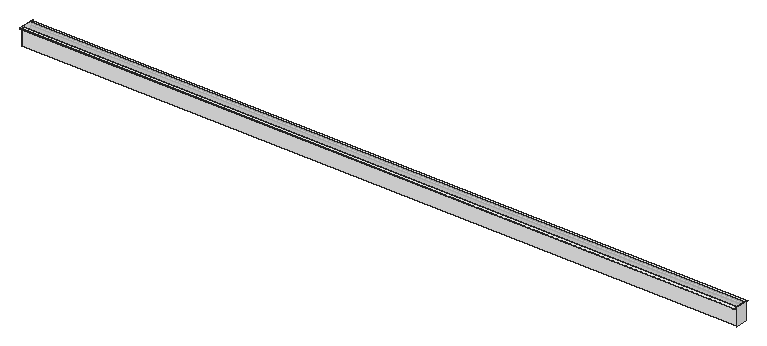
Revit family "2093137 Sylvania Lighting Fixture MC2 TRIM 3-6M 3K DALI WHT OPAL", category Lighting Fixtures, host Face, Revit 2016
Family settings
  Host = Face
  Part Type = Normal
  Round Connector Dimension = Use Diameter
  OmniClass Number = 23.80.70.11.17
  OmniClass Title = Specialized Lighting by Location or Use
  Cut with Voids When Loaded = No
  Light Source = Yes
  Shared = No
  Room Calculation Point = No
Parameters (values of type "2093137 MC2 TRIM 3.6M 3K DALI WHT OPAL")
  Width_SYL = 54.0 mm
  Weight = "8.4 kg"
  Wattage = 63 W
  WarrantyStartDate [instance] = "n/a"
  WarrantyGuarantorParts = "n/a"
  WarrantyDurationUnit = "n/a"
  WarrantyDurationParts = "n/a"
  WarrantyDescription = "n/a"
  built-in parameter 1150110 = 1 (stored number, unit not read)
  Voltage = 0 V
  URL = "http://www.sylvania-lighting.com"
  TypeName = "MC2 TRIM 3.6M 3K DALI WHT OPAL"
  built-in parameter 1114217 = 1 (stored number, unit not read)
  Tilt Angle = -90.00°
  built-in parameter 1150109 = 1 (stored number, unit not read)
  built-in parameter 1150134 = (empty or 0)
  built-in parameter 1150113 = 1 (stored number, unit not read)
  SerialNumber [instance] = "n/a"
  PowerFactor = 0.98
  PowerConsumption = "63 W"
  NominalWidth = 0.0 mm
  NominalLength = 3600.0 mm
  NominalHeight = 86.0 mm
  Name = "MC2 TRIM 3.6M 3K DALI WHT OPAL"
  ModelReference = "MC2 TRIM 3.6M 3K DALI WHT OPAL"
  ModelNumber = "2093137"
  Material_3_SYL = Metal_Sylvania_Mini Contiuum II_Silver
  Photometric Web File = "2093137.ies"
  Material = "aluminium housing, polycarbonate diffuser"
  ManufacturerName = "Feilo Sylvania"
  LuminousEfficacy = "105 lm/W"
  LuminaireType = ""
  LightOutputRatio = "100"
  Length_SYL = 3600.0 mm
  LampsType = Lamp  # "LED"
  LampNominalLuminous = "6621 lm"
  LampMacAdamStep = "3"
  LampColourTemperature = "3000 K"
  LampColourRenderingIndex = "80"
  Keynote = "16500"
  InstallationDate [instance] = "n/a"
  InputVoltage = "n/a"
  InputNominalFrequency = "n/a"
  IngressProtection = "IP20"
  ImpactProtectionIndex = "n/a"
  IfcExportType = "IfcLightFixtureType"
  IfcExportAs = "IfcLightFixtureType"
  Height_SYL = 86.0 mm
  ExpectedLife = 50000
  EndCapRight_SYL [instance] = yes
  EndCapLeft_SYL [instance] = yes
  Emit from Rectangle Width = Width_SYL - 2.0 mm  # 52.0 mm
  Emit from Rectangle Length = Length_SYL  # 3600.0 mm
  Emit Shape Visible in Rendering = no
  ElectricShockClassification = "Class I"
  DurationUnit = "hours"
  DocumentationLiterature = "http://www.sylvania-lighting.com/product/en-int/products/2093137"
  DimmingControlOptions = "n/a"
  CreatedOn = "10/15/2018"
  CreatedBy = "@sylvania-lighting.com"
  built-in parameter 1114216 [instance] = 1 (stored number, unit not read)
  Model = "MC2 TRIM 3.6M 3K DALI WHT OPAL"
  Manufacturer = "Feilo Sylvania"  # constant formula
  built-in parameter 1150105 = 526.4 (stored number, unit not read)
  Lumens = 6615 lm
  built-in parameter 1150115 = 1 (stored number, unit not read)
  built-in parameter 1150137 = (empty or 0)
  built-in parameter 1150139 = (empty or 0)
  built-in parameter 1150112 = 1 (stored number, unit not read)
  built-in parameter 1150114 = 1 (stored number, unit not read)
  Lamp = "LED"
  built-in parameter 1150132 = 2
  built-in parameter 1150102 = (empty or 0)
  built-in parameter 1150107 = 3000 (stored number, unit not read)
  built-in parameter 1150138 = (empty or 0)
  built-in parameter 1150106 = 5.264 (stored number, unit not read)
  Material_1_SYL = Metal_Sylvania_Mini Continuum II_White
  built-in parameter 1150104 = 9.7548 (stored number, unit not read)
  Dimming Lamp Color Temperature Shift = <None>
  Material_2_SYL = Polycarbonate_Sylvania_Mini Continuum II_Opal_4000K
  Description = "Mini Continuum II introduces a uniquely clean, simple LED lighting system offering continuous, highly uniform lines of light across walls and ceilings. This highly versatile lighting tool can be recessed, semi-recessed, surface-mounted or suspended, either vertically or horizontally. Available as direct/indirect or direct only distribution - both of which can be interconnected. Every batten has a plug and socket arrangement for easy and rapid electrical installation. Mini Continuum II Direct is available in two versions: one with an outside trim detail for plasterboard ceilings; and a trimless version for when a seamless effect is required. Dimmable DALI versions and 3hr non-maintained integral emergency options are available as standard options"  # constant formula
  Default Elevation = 0.0 mm
  Color Filter = 16777215
  built-in parameter 1140040 [instance] = 1
  BarCode [instance] = "n/a"
  built-in parameter 1114218 = 1 (stored number, unit not read)
  built-in parameter 1150133 = 10 (stored number, unit not read)
  AssetType = "Fixed"
  AssetIdentifier [instance] = "n/a"
  Assembly Code = "D5020200"
  Apparent Load = 63 VA
Reference planes
  plane 1 "Center (Front/Back)": y = 0
  plane 2 "Bottom Fixtures": z = 0
  plane 3 "Center (Left/Right)": x = 0
  plane 4 "Fixture Left": x = -1800
  plane 5 "Fixture Right": x = 1800
  plane 6 "Fixture Bottom": z = 2
  plane 7: z = 0
  plane 8: z = -2
  plane 9: z = -11.049
  plane 10: z = -41.049
  plane 11 "Fixture Top": z = -84
  plane 12: y = 27
  plane 13: y = -27
  plane 14: y = -26
  plane 15: y = -25
  plane 16: y = 26
  plane 17: y = 25
  plane 18: y = 11
  plane 19: y = -11
  plane 20: y = 24
  plane 21: y = 22
  plane 22: y = -22
  plane 23: y = 15
  plane 24: y = -15
  plane 25: y = 40
  plane 26: y = -40
  plane 27: x = -1802
  plane 28: x = 1802
Forms (mm)
  Extrusion 1, solid, material "Metal_Sylvania_Mini Continuum II_White" <- "Material_1_SYL", detail levels fine
    sketch origin (0, 0, -84) x (0, 1, 0) y (0, 0, 1)
      loop
        line (27, 84) -> (40, 84) -> (40, 86) -> (26, 86) -> (26, 84) -> (25, 84) -> (25, 2) -> (13, 2) -> (13, 4) -> (-13, 4) -> (-13, 2) -> (-25, 2) -> (-25, 84) -> (-26, 84) -> (-26, 86) -> (-40, 86) -> (-40, 84) -> (-27, 84) -> (-27, 0) -> (-11, 0) -> (-11, 2) -> (11, 2) -> (11, 0) -> (27, 0) -> (27, 84)
    from -1800 to 1800
  Extrusion 2, solid, material "Polycarbonate_Sylvania_Mini Continuum II_Opal_4000K" <- "Material_2_SYL", detail levels fine
    sketch origin (0, 0, -84) x (0, 1, 0) y (0, 0, 1)
      loop
        line (-26, 86) -> (-26, 84) -> (26, 84) -> (26, 86) -> (-26, 86)
    from -1800 to 1800
  Extrusion 3, solid, material "Metal_Sylvania_Mini Contiuum II_Silver" <- "Material_3_SYL", detail levels fine
    sketch origin (0, 0, -84) x (0, 1, 0) y (0, 0, 1)
      loop
        line (22, 72.951) -> (20.973, 72.951) -> (14.206, 43.951) -> (-14.206, 43.951) -> (-20.973, 72.951) -> (-22, 72.951) -> (-15, 42.951) -> (15, 42.951) -> (22, 72.951)
    from -1800 to 1800
  Extrusion 4, solid, material "Metal_Sylvania_Mini Continuum II_White" <- "Material_1_SYL", detail levels coarse+medium
    sketch origin (0, 0, -84) x (0, 1, 0) y (0, 0, 1)
      loop
        line (-27, 86) -> (-27, 0) -> (27, 0) -> (27, 86) -> (-27, 86)
    from -1800 to 1800
  Extrusion 5, solid, material "Metal_Sylvania_Mini Continuum II_White" <- "Material_1_SYL", detail levels coarse+medium
    sketch origin (0, 0, -84) x (0, 1, 0) y (0, 0, 1)
      loop
        line (40, 86) -> (27, 86) -> (27, 84) -> (40, 84) -> (40, 86)
      loop
        line (-27, 86) -> (-40, 86) -> (-40, 84) -> (-27, 84) -> (-27, 86)
    from -1800 to 1800
  Extrusion 6, void
    sketch origin (0, 0, 0) x (0, 1, 0) y (0, 0, 1)
      loop
        line (27, 0) -> (-27, 0) -> (-27, -84) -> (27, -84) -> (27, 0)
    from -1800 to 1800
  Extrusion 7, solid, material "Metal_Sylvania_Mini Continuum II_White" <- "Material_1_SYL", visible <- "EndCapLeft_SYL"
    sketch origin (-1800, 171.684, 1219.2) x (0, 1, 0) y (0, 0, 1)
      loop
        line (-198.684, -1219.2) -> (-198.684, -1303.2) -> (-144.684, -1303.2) -> (-144.684, -1219.2) -> (-131.684, -1219.2) -> (-131.684, -1217.2) -> (-211.684, -1217.2) -> (-211.684, -1219.2) -> (-198.684, -1219.2)
    from 0 to -2
  Extrusion 8, solid, material "Metal_Sylvania_Mini Continuum II_White" <- "Material_1_SYL", visible <- "EndCapRight_SYL"
    sketch origin (1800, 171.684, 1219.2) x (0, 1, 0) y (0, 0, -1)
      loop
        line (-131.684, 1217.2) -> (-131.684, 1219.2) -> (-144.684, 1219.2) -> (-144.684, 1303.2) -> (-198.684, 1303.2) -> (-198.684, 1219.2) -> (-211.684, 1219.2) -> (-211.684, 1217.2) -> (-131.684, 1217.2)
    from 0 to -2
Lines and regions (mm)
  Masking region 1
    outline origin (0, 0, -86) x (-1, 0, 0) y (0, -1, 0)
      loop
        line (1800, -40) -> (1800, 40) -> (-1800, 40) -> (-1800, -40) -> (1800, -40)
  symbolic lines, detail levels fine
    curve 1: line (-1800, 27, -86) -> (1800, 27, -86)
    curve 2: line (-1800, -27, -86) -> (1800, -27, -86)
Dimensions and locks
  host sketch curve to plane 3 "Center (Left/Right)" to host sketch curve = 1260.0 mm, 1259.41 mm
  equal spacing: plane 4 "Fixture Left", plane 3 "Center (Left/Right)", plane 5 "Fixture Right"
  "Length_SYL": plane 4 "Fixture Left" to plane 5 "Fixture Right"
  plane 6 "Fixture Bottom" to plane 7 to plane 8 to plane 9 to plane 10 = 2.0 mm locked, 2.0 mm locked, 9.049 mm locked, 30.0 mm locked
  locked: Extrusion 1 sketch curve to Extrusion 1 sketch curve at 2
  "Height_SYL": plane 6 "Fixture Bottom" to plane 11 "Fixture Top"
  equal spacing: plane 12, plane 1 "Center (Front/Back)", plane 13
  plane 19 to plane 24 to plane 22 to plane 15 to plane 14 to plane 13 to plane 26 = 4.0 mm locked, 7.0 mm locked, 3.0 mm locked, 1.0 mm locked, 1.0 mm locked, 13.0 mm locked
  plane 25 to plane 12 to plane 16 to plane 17 to plane 20 to plane 21 to plane 23 to plane 18 = 13.0 mm locked, 1.0 mm locked, 1.0 mm locked, 1.0 mm locked, 2.0 mm locked, 7.0 mm locked, 4.0 mm locked
  "Width_SYL": plane 12 to plane 13
  equal spacing: plane 27, plane 3 "Center (Left/Right)", plane 28
  locked: plane 27 to plane 4 "Fixture Left" at 2
  aligned and locked: plane 2 "Bottom Fixtures" to host face
  aligned and locked: level to host face
  aligned and locked: Extrusion 1 sketch curve to plane 7  (x2)
  aligned and locked: plane 6 "Fixture Bottom" to Extrusion 1 sketch curve  (x2)
  aligned and locked: plane 7 to Extrusion 1 sketch curve
  aligned and locked: Extrusion 1 to Extrusion 2 sketch curve
  aligned and locked: Extrusion 2 sketch curve to Extrusion 1  (x3)
  aligned and locked: Extrusion 3 sketch curve to plane 10
  aligned and locked: plane 9 to Extrusion 3 sketch curve
  aligned and locked: Extrusion 3 sketch curve to plane 9
  aligned and locked: Extrusion 4 sketch curve to plane 6 "Fixture Bottom"
  aligned and locked: Extrusion 5 sketch curve to Extrusion 1  (x6)
  aligned and locked: Extrusion 4 to Extrusion 5 sketch curve
  aligned and locked: Extrusion 5 sketch curve to Extrusion 4
  aligned and locked: Extrusion 1 to Extrusion 6 sketch curve
  aligned and locked: Extrusion 6 sketch curve to Extrusion 1
  aligned and locked: Extrusion 6 sketch curve to plane 11 "Fixture Top"
  aligned and locked: Extrusion 6 sketch curve to plane 13
  aligned and locked: Extrusion 6 to plane 5 "Fixture Right"
  aligned and locked: plane 6 "Fixture Bottom" to imposter light
  aligned and locked: Masking region 1 sketch curve to Extrusion 1  (x4)
  aligned and locked: plane 5 "Fixture Right" to curve 1
  aligned and locked: plane 4 "Fixture Left" to curve 1
  aligned and locked: curve 1 to plane 12
  aligned and locked: plane 4 "Fixture Left" to curve 2
  aligned and locked: plane 5 "Fixture Right" to curve 2
  aligned and locked: curve 2 to plane 13
  aligned and locked: Extrusion 4 to plane 5 "Fixture Right"
  aligned and locked: Extrusion 1 to plane 5 "Fixture Right"
  aligned and locked: Extrusion 3 to plane 5 "Fixture Right"
  aligned and locked: Extrusion 4 to plane 4 "Fixture Left"
  aligned and locked: Extrusion 1 to plane 4 "Fixture Left"
  aligned and locked: Extrusion 3 to plane 4 "Fixture Left"
  aligned and locked: Extrusion 2 to plane 5 "Fixture Right"
  aligned and locked: Extrusion 5 to plane 5 "Fixture Right"
  aligned and locked: Extrusion 5 to plane 4 "Fixture Left"
  aligned and locked: Extrusion 2 to plane 4 "Fixture Left"
  aligned and locked: Extrusion 6 to plane 4 "Fixture Left"
  aligned and locked: Extrusion 4 to Extrusion 7 sketch curve
  aligned and locked: Extrusion 7 sketch curve to Extrusion 4  (x2)
  aligned and locked: Extrusion 7 sketch curve to Extrusion 5  (x4)
  aligned and locked: plane 6 "Fixture Bottom" to Extrusion 7 sketch curve
  aligned and locked: Extrusion 7 to plane 27
  aligned and locked: plane 4 "Fixture Left" to Extrusion 7
  aligned and locked: Extrusion 8 sketch curve to Extrusion 7  (x8)
  aligned and locked: plane 28 to Extrusion 8
  aligned and locked: plane 5 "Fixture Right" to Extrusion 8
Automatic sketch dimensions
  host sketch curve to host sketch curve = 1047.463 mm
  Extrusion 1 sketch curve to plane 26 = 0.0 mm
  Extrusion 1 sketch curve to plane 13 = 0.0 mm
  Extrusion 1 sketch curve to plane 14 = 0.0 mm
  Extrusion 1 sketch curve to plane 15 = 0.0 mm
  Extrusion 1 sketch curve to plane 19 = 0.0 mm
  Extrusion 1 sketch curve to plane 18 = 0.0 mm
  Extrusion 1 sketch curve to plane 17 = 0.0 mm
  Extrusion 1 sketch curve to plane 16 = 0.0 mm
  Extrusion 1 sketch curve to level = 0.0 mm
  Extrusion 1 sketch curve to plane 12 = 0.0 mm
  Extrusion 1 sketch curve to plane 25 = 0.0 mm
  Extrusion 1 sketch curve to plane 11 "Fixture Top" = 0.0 mm  (x2)
  Extrusion 1 sketch curve to plane 19 = 2.0 mm
  Extrusion 1 sketch curve to plane 18 = 2.0 mm
  plane 11 "Fixture Top" to Extrusion 1 sketch curve = 2.0 mm  (x3)
  Extrusion 3 sketch curve to plane 22 = 0.0 mm
  Extrusion 3 sketch curve to plane 24 = 0.0 mm
  Extrusion 3 sketch curve to plane 23 = 0.0 mm
  Extrusion 3 sketch curve to plane 21 = 0.0 mm
  plane 10 to Extrusion 3 sketch curve = 1.0 mm
  Extrusion 3 sketch curve to Extrusion 3 sketch curve = 1.027 mm  (x2)
  plane 24 to Extrusion 3 sketch curve = 0.794 mm
  plane 23 to Extrusion 3 sketch curve = 0.794 mm
  Extrusion 4 sketch curve to plane 11 "Fixture Top" = 0.0 mm
  Extrusion 4 sketch curve to plane 13 = 0.0 mm
  Extrusion 4 sketch curve to plane 12 = 0.0 mm
Connectors
  electrical at (-1800, 0, 0), driven by "Apparent Load"
    settings: index 1, voltage 230 V, apparent load 0 VA, apparent load phase1 63 VA, apparent load phase2 0 VA, apparent load phase3 0 VA, power factor 1, load classification "Lighting", number of poles 1, system type 31, power factor state 1, is connector primary yes, connector utility no, sub classification motor no, connector description ""
